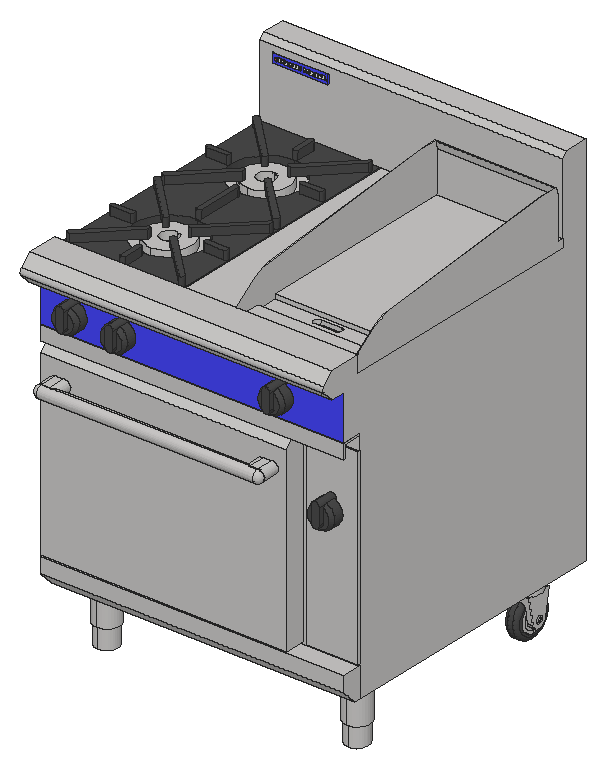
Revit family "QF_MOFFAT_BLUESEAL_CE_G54C", category Specialty Equipment, Revit 2012
Parameters
  Width = 750 mm  # constant formula
  Weight in Pounds = 399
  Watts = 130 W
  Volts = 230 V
  URL Cutsheet = "www.moffat.com"
  URL = "www.moffat.com"
  Type Mark [instance] = ""
  Status [instance] = ""
  Specification by User [instance] = ""
  Specification by Manufacturer = ""
  Show Logo [instance] = yes
  Show Clearance [instance] = yes
  Show Casters [instance] = yes
  Serial Number = ""
  Seismic Rating = ""
  SMACNA No = ""
  Revision Code [instance] = ""
  Phase = 1
  Omniclass Number and Title = ""
  Number of Poles [instance] = 1
  NAFEM Spec ID Number = ""
  Model = "G54C"
  Min Ckt Ampacity = 0 A
  Mechanical Remarks [instance] = ""
  Mechanical Connection Type [instance] = ""
  Max Overcurrent Protection = 0 A
  Masterspec = ""
  Manufacturer = "MOFFAT BLUESEAL"
  Legs [instance] = not(Show Casters)  # no
  Item Number [instance] = ""
  Installed By [instance] = ""
  Identify Quantity as Lot [instance] = yes
  Height = 1085 mm  # constant formula
  HP = ""
  Gas Size = 3/4"
  Gas RI Height [instance] = 0 mm
  Gas KW [instance] = 29.4
  Gas Input [instance] = 100468.0 Btu/h
  Gas Connection Height = 0 mm
  Furnished By [instance] = ""
  Foodservice Equipment Identifier [instance] = yes
  FL Amps = 0.6 A
  Electrical Remarks = ""
  Electric Connection Type = ""
  Elec Conn RI Height = 0 mm
  Elec Conn Connection Height = 0 mm
  Description = "750MM GAS RANGE WITH CONVECTION OVEN"
  Depth = 812 mm  # constant formula
  Cycle = 60 Hz
  Conn Plug = ""
  Conn Conduit = yes
  CSI MasterFormat = ""
  CSI Master Format = ""
  Apparent Power = 0 VA
Reference planes
  plane 1 "BACK": y = 0
  plane 2: z = 0
  plane 3 "LEFT": x = 0
  plane 4 "RIGHT": x = 750
  plane 5 "FRONT": y = -812
  plane 6 "TOP": z = 970
  plane 7 "Center Y": x = 375
  plane 8 "Center X": y = -406
  plane 9: y = -100
  plane 10 "Base Height": z = 150
  plane 11: x = 65.8
  plane 12: x = 620
  plane 13: x = 685
  plane 14: y = -500
  plane 15: x = 676
  plane 16: z = 1085
Forms (mm)
  Extrusion 1, solid, material "QF_Finishes_Stainless Steel"
    sketch origin (0, 0, 0) x (0, 1, 0) y (0, 0, 1)
      loop
        line (-784.97, 850) -> (-749, 850) -> (-749, 740) -> (-699, 740) -> (-699, 150) -> (0, 150) -> (0, 1085) -> (-57.5, 1085) -> (-70, 1072.5) -> (-70, 875) -> (-705, 875) -> (-705, 915) -> (-783.97, 915) -> (-808.469, 890.501)
        arc (-808.469, 890.501) -> (-811.99, 882) -> (-808.469, 873.499) r 12.022
        line (-808.469, 873.499) -> (-784.97, 850)
    from 0 to 750
  Extrusion 2, solid, material "QF_Finishes_Stainless Steel"
    sketch origin (555.062, 3, 100) x (1, 0, 0) y (0, 1, 0)
      loop
        circle (65, -35) r 13.5
    from 555 to 640
  Revolve 3, solid, material "QF_Finishes_Stainless Steel"
    sketch origin (65, -728, 0) x (0, 1, 0) y (0, 0, 1)
      loop
        line (71.25, 150) -> (71.25, 50) -> (75.5, 50) -> (75.5, 0) -> (103, 0) -> (103, 150) -> (71.25, 150)
      axis (103, 150) -> (103, 0)
    angle from 0 to 360
  Extrusion 4, solid, material "QF_Finishes_Black"
    sketch origin (0, -70, 875) x (0, -1, 0) y (1, 0, 0)
      loop
        arc (1, 4) -> (1.879, 1.879) -> (4, 1) r 3
        line (4, 1) -> (632, 1)
        arc (632, 1) -> (634.121, 1.879) -> (635, 4) r 3
        line (635, 4) -> (635, 297)
        arc (635, 297) -> (634.121, 299.121) -> (632, 300) r 3
        line (632, 300) -> (4, 300)
        arc (4, 300) -> (1.879, 299.121) -> (1, 297) r 3
        line (1, 297) -> (1, 4)
      loop
        circle (167.5, 150) r 85
      loop
        circle (467.768, 150) r 85
    from 0 to 19.5
  Extrusion 5, solid, material "QF_Finishes_Black"
    sketch origin (0, -73.5, 894.5) x (0, -1, 0) y (1, 0, 0)
      loop
        spline (323.602, 15.153) -> (322.681, 13.924) -> (322.131, 12.47) -> (321.99, 10.89) -> (322.267, 9.292) -> (322.943, 7.786) -> (323.973, 6.473) -> (325.286, 5.443) -> (326.792, 4.767) -> (328.39, 4.49) -> (329.97, 4.631) -> (331.424, 5.181) -> (332.653, 6.102)
        line (332.653, 6.102) -> (440.576, 114.025)
        spline (440.576, 114.025) -> (441.337, 115.095) -> (441.738, 116.399) -> (441.751, 117.851) -> (441.375, 119.35) -> (440.637, 120.795) -> (439.586, 122.086) -> (438.295, 123.137) -> (436.85, 123.875) -> (435.351, 124.251) -> (433.899, 124.238) -> (432.595, 123.837) -> (431.525, 123.076)
        line (431.525, 123.076) -> (323.602, 15.153)
      loop
        spline (371.852, 143.6) -> (373.146, 143.818) -> (374.352, 144.457) -> (375.388, 145.475) -> (376.182, 146.8) -> (376.682, 148.344) -> (376.852, 150) -> (376.682, 151.656) -> (376.182, 153.2) -> (375.388, 154.525) -> (374.352, 155.543) -> (373.146, 156.182) -> (371.852, 156.4)
        line (371.852, 156.4) -> (259.398, 156.4)
        spline (259.398, 156.4) -> (258.104, 156.182) -> (256.898, 155.543) -> (255.862, 154.525) -> (255.068, 153.2) -> (254.568, 151.656) -> (254.398, 150) -> (254.568, 148.344) -> (255.068, 146.8) -> (255.862, 145.475) -> (256.898, 144.457) -> (258.104, 143.818) -> (259.398, 143.6)
        line (259.398, 143.6) -> (371.852, 143.6)
      loop
        line (311.398, 15.153) -> (203.475, 123.076)
        spline (203.475, 123.076) -> (202.405, 123.837) -> (201.101, 124.238) -> (199.649, 124.251) -> (198.15, 123.875) -> (196.705, 123.137) -> (195.414, 122.086) -> (194.363, 120.795) -> (193.625, 119.35) -> (193.249, 117.851) -> (193.262, 116.399) -> (193.663, 115.095) -> (194.424, 114.025)
        line (194.424, 114.025) -> (302.347, 6.102)
        spline (302.347, 6.102) -> (303.416, 5.341) -> (304.721, 4.941) -> (306.172, 4.928) -> (307.671, 5.303) -> (309.116, 6.041) -> (310.408, 7.092) -> (311.459, 8.384) -> (312.197, 9.829) -> (312.572, 11.328) -> (312.559, 12.779) -> (312.159, 14.084) -> (311.398, 15.153)
      loop
        line (323.602, 284.847) -> (431.525, 176.924)
        spline (431.525, 176.924) -> (432.595, 176.163) -> (433.899, 175.762) -> (435.351, 175.749) -> (436.85, 176.125) -> (438.295, 176.863) -> (439.586, 177.914) -> (440.637, 179.205) -> (441.375, 180.65) -> (441.751, 182.149) -> (441.738, 183.601) -> (441.337, 184.905) -> (440.576, 185.975)
        line (440.576, 185.975) -> (332.653, 293.898)
        spline (332.653, 293.898) -> (331.424, 294.819) -> (329.97, 295.369) -> (328.39, 295.51) -> (326.792, 295.233) -> (325.286, 294.557) -> (323.973, 293.527) -> (322.943, 292.214) -> (322.267, 290.708) -> (321.99, 289.11) -> (322.131, 287.53) -> (322.681, 286.076) -> (323.602, 284.847)
      loop
        spline (311.398, 284.847) -> (312.159, 285.916) -> (312.559, 287.221) -> (312.572, 288.672) -> (312.197, 290.171) -> (311.459, 291.616) -> (310.408, 292.908) -> (309.116, 293.959) -> (307.671, 294.697) -> (306.172, 295.072) -> (304.721, 295.059) -> (303.416, 294.659) -> (302.347, 293.898)
        line (302.347, 293.898) -> (194.424, 185.975)
        spline (194.424, 185.975) -> (193.663, 184.905) -> (193.262, 183.601) -> (193.249, 182.149) -> (193.625, 180.65) -> (194.363, 179.205) -> (195.414, 177.914) -> (196.705, 176.863) -> (198.15, 176.125) -> (199.649, 175.749) -> (201.101, 175.762) -> (202.405, 176.163) -> (203.475, 176.924)
        line (203.475, 176.924) -> (311.398, 284.847)
      loop
        spline (73.549, 143.6) -> (74.844, 143.818) -> (76.049, 144.457) -> (77.085, 145.475) -> (77.88, 146.8) -> (78.379, 148.344) -> (78.549, 150) -> (78.379, 151.656) -> (77.88, 153.2) -> (77.085, 154.525) -> (76.049, 155.543) -> (74.844, 156.182) -> (73.549, 156.4)
        line (73.549, 156.4) -> (25.093, 156.4)
        spline (25.093, 156.4) -> (23.799, 156.182) -> (22.593, 155.543) -> (21.558, 154.525) -> (20.763, 153.2) -> (20.264, 151.656) -> (20.093, 150) -> (20.264, 148.344) -> (20.763, 146.8) -> (21.558, 145.475) -> (22.593, 144.457) -> (23.799, 143.818) -> (25.093, 143.6)
        line (25.093, 143.6) -> (73.549, 143.6)
      loop
        spline (608.1, 143.6) -> (609.394, 143.818) -> (610.6, 144.457) -> (611.636, 145.475) -> (612.43, 146.8) -> (612.93, 148.344) -> (613.1, 150) -> (612.93, 151.656) -> (612.43, 153.2) -> (611.636, 154.525) -> (610.6, 155.543) -> (609.394, 156.182) -> (608.1, 156.4)
        line (608.1, 156.4) -> (558.644, 156.4)
        spline (558.644, 156.4) -> (557.35, 156.182) -> (556.144, 155.543) -> (555.108, 154.525) -> (554.314, 153.2) -> (553.814, 151.656) -> (553.644, 150) -> (553.814, 148.344) -> (554.314, 146.8) -> (555.108, 145.475) -> (556.144, 144.457) -> (557.35, 143.818) -> (558.644, 143.6)
        line (558.644, 143.6) -> (608.1, 143.6)
      loop
        spline (457.6, 10.156) -> (457.818, 8.862) -> (458.457, 7.656) -> (459.475, 6.62) -> (460.8, 5.826) -> (462.344, 5.326) -> (464, 5.156) -> (465.656, 5.326) -> (467.2, 5.826) -> (468.525, 6.62) -> (469.543, 7.656) -> (470.182, 8.862) -> (470.4, 10.156)
        line (470.4, 10.156) -> (470.4, 58.612)
        spline (470.4, 58.612) -> (470.182, 59.906) -> (469.543, 61.112) -> (468.525, 62.148) -> (467.2, 62.942) -> (465.656, 63.442) -> (464, 63.612) -> (462.344, 63.442) -> (460.8, 62.942) -> (459.475, 62.148) -> (458.457, 61.112) -> (457.818, 59.906) -> (457.6, 58.612)
        line (457.6, 58.612) -> (457.6, 10.156)
      loop
        spline (160.966, 10.156) -> (161.184, 8.862) -> (161.823, 7.656) -> (162.841, 6.62) -> (164.166, 5.826) -> (165.71, 5.326) -> (167.366, 5.156) -> (169.022, 5.326) -> (170.566, 5.826) -> (171.892, 6.62) -> (172.909, 7.656) -> (173.548, 8.862) -> (173.766, 10.156)
        line (173.766, 10.156) -> (173.766, 58.612)
        spline (173.766, 58.612) -> (173.548, 59.906) -> (172.909, 61.112) -> (171.892, 62.148) -> (170.566, 62.942) -> (169.022, 63.442) -> (167.366, 63.612) -> (165.71, 63.442) -> (164.166, 62.942) -> (162.841, 62.148) -> (161.823, 61.112) -> (161.184, 59.906) -> (160.966, 58.612)
        line (160.966, 58.612) -> (160.966, 10.156)
      loop
        spline (457.6, 241.636) -> (457.818, 240.342) -> (458.457, 239.136) -> (459.475, 238.1) -> (460.8, 237.306) -> (462.344, 236.806) -> (464, 236.636) -> (465.656, 236.806) -> (467.2, 237.306) -> (468.525, 238.1) -> (469.543, 239.136) -> (470.182, 240.342) -> (470.4, 241.636)
        line (470.4, 241.636) -> (470.4, 290.092)
        spline (470.4, 290.092) -> (470.182, 291.386) -> (469.543, 292.592) -> (468.525, 293.628) -> (467.2, 294.422) -> (465.656, 294.922) -> (464, 295.092) -> (462.344, 294.922) -> (460.8, 294.422) -> (459.475, 293.628) -> (458.457, 292.592) -> (457.818, 291.386) -> (457.6, 290.092)
        line (457.6, 290.092) -> (457.6, 241.636)
      loop
        spline (160.966, 241.636) -> (161.184, 240.342) -> (161.823, 239.136) -> (162.841, 238.1) -> (164.166, 237.306) -> (165.71, 236.806) -> (167.366, 236.636) -> (169.022, 236.806) -> (170.566, 237.306) -> (171.892, 238.1) -> (172.909, 239.136) -> (173.548, 240.342) -> (173.766, 241.636)
        line (173.766, 241.636) -> (173.766, 290.092)
        spline (173.766, 290.092) -> (173.548, 291.386) -> (172.909, 292.592) -> (171.892, 293.628) -> (170.566, 294.422) -> (169.022, 294.922) -> (167.366, 295.092) -> (165.71, 294.922) -> (164.166, 294.422) -> (162.841, 293.628) -> (161.823, 292.592) -> (161.184, 291.386) -> (160.966, 290.092)
        line (160.966, 290.092) -> (160.966, 241.636)
      loop
        line (604.398, 15.153) -> (496.475, 123.076)
        spline (496.475, 123.076) -> (495.405, 123.837) -> (494.101, 124.238) -> (492.649, 124.251) -> (491.15, 123.875) -> (489.705, 123.137) -> (488.414, 122.086) -> (487.363, 120.795) -> (486.625, 119.35) -> (486.249, 117.851) -> (486.262, 116.399) -> (486.663, 115.095) -> (487.424, 114.025)
        line (487.424, 114.025) -> (595.347, 6.102)
        spline (595.347, 6.102) -> (596.576, 5.181) -> (598.03, 4.631) -> (599.61, 4.49) -> (601.208, 4.767) -> (602.714, 5.443) -> (604.027, 6.473) -> (605.057, 7.786) -> (605.733, 9.292) -> (606.01, 10.89) -> (605.869, 12.47) -> (605.319, 13.924) -> (604.398, 15.153)
      loop
        spline (604.398, 284.847) -> (605.319, 286.076) -> (605.869, 287.53) -> (606.01, 289.11) -> (605.733, 290.708) -> (605.057, 292.214) -> (604.027, 293.527) -> (602.714, 294.557) -> (601.208, 295.233) -> (599.61, 295.51) -> (598.03, 295.369) -> (596.576, 294.819) -> (595.347, 293.898)
        line (595.347, 293.898) -> (487.424, 185.975)
        spline (487.424, 185.975) -> (486.663, 184.905) -> (486.262, 183.601) -> (486.249, 182.149) -> (486.625, 180.65) -> (487.363, 179.205) -> (488.414, 177.914) -> (489.705, 176.863) -> (491.15, 176.125) -> (492.649, 175.749) -> (494.101, 175.762) -> (495.405, 176.163) -> (496.475, 176.924)
        line (496.475, 176.924) -> (604.398, 284.847)
      loop
        spline (16.602, 15.153) -> (15.841, 14.084) -> (15.441, 12.779) -> (15.428, 11.328) -> (15.803, 9.829) -> (16.541, 8.384) -> (17.592, 7.092) -> (18.884, 6.041) -> (20.329, 5.303) -> (21.828, 4.928) -> (23.279, 4.941) -> (24.584, 5.341) -> (25.653, 6.102)
        line (25.653, 6.102) -> (133.576, 114.025)
        spline (133.576, 114.025) -> (134.337, 115.095) -> (134.738, 116.399) -> (134.751, 117.851) -> (134.375, 119.35) -> (133.637, 120.795) -> (132.586, 122.086) -> (131.295, 123.137) -> (129.85, 123.875) -> (128.351, 124.251) -> (126.899, 124.238) -> (125.595, 123.837) -> (124.525, 123.076)
        line (124.525, 123.076) -> (16.602, 15.153)
      loop
        line (16.602, 284.847) -> (124.525, 176.924)
        spline (124.525, 176.924) -> (125.595, 176.163) -> (126.899, 175.762) -> (128.351, 175.749) -> (129.85, 176.125) -> (131.295, 176.863) -> (132.586, 177.914) -> (133.637, 179.205) -> (134.375, 180.65) -> (134.751, 182.149) -> (134.738, 183.601) -> (134.337, 184.905) -> (133.576, 185.975)
        line (133.576, 185.975) -> (25.653, 293.898)
        spline (25.653, 293.898) -> (24.584, 294.659) -> (23.279, 295.059) -> (21.828, 295.072) -> (20.329, 294.697) -> (18.884, 293.959) -> (17.592, 292.908) -> (16.541, 291.616) -> (15.803, 290.171) -> (15.428, 288.672) -> (15.441, 287.221) -> (15.841, 285.916) -> (16.602, 284.847)
    from 0 to 20.5
  Revolve 6, solid, material "QF_Finishes_Stainless Steel"
    sketch origin (685, -728, 0) x (0, 1, 0) y (0, 0, -1)
      loop
        line (71.25, -150) -> (103, -150) -> (103, 0) -> (75.5, 0) -> (75.5, -50) -> (71.25, -50) -> (71.25, -150)
      axis (103, -150) -> (103, 0)
    angle from 0 to 360
  Extrusion 7, solid, material "QF_Finishes_Stainless Steel"
    sketch origin (0, -70, 875) x (0, -1, 0) y (1, 0, 0)
      loop
        line (634, 300) -> (634, 450) -> (0, 450) -> (0, 300) -> (634, 300)
    from 0 to 19.5
  Extrusion 8, void
    sketch origin (0, -749, 227.5) x (0, 0, -1) y (-1, 0, 0)
      loop
        line (-465, -610) -> (-465, -625) -> (0, -625) -> (0, -610) -> (-465, -610)
    from 0 to 50
  Revolve 9, solid, material "QF_Finishes_Black"
    sketch origin (210, 7, 758.895) x (0, -1, 0) y (0, 0, 1)
      loop
        line (789, 69.605) -> (766, 69.605) -> (766, 42.105) -> (756, 42.105) -> (756, 37.105) -> (800, 37.105) -> (800, 63.757) -> (789, 69.605)
      axis (800, 37.105) -> (756, 37.105)
    angle from 0 to 360
  Revolve 10, solid, material "QF_Finishes_Black"
    sketch origin (89.999, 7, 758.768) x (0, 1, 0) y (0, 0, -1)
      loop
        line (-789, -69.5) -> (-766, -69.5) -> (-766, -42) -> (-756, -42) -> (-756, -37) -> (-800, -37) -> (-800, -63.651) -> (-789, -69.5)
      axis (-800, -37) -> (-756, -37)
    angle from 0 to 360
  Extrusion 11, solid, material "QF_Finishes_Black"
    sketch origin (228.269, 7, 758.926) x (-1, 0, 0) y (0, 0, -1)
      loop
        arc (148.269, -24.969) -> (138.269, -14.969) -> (128.269, -24.969) r 10
        line (128.269, -24.969) -> (128.269, -63.969)
        arc (128.269, -63.969) -> (138.269, -73.969) -> (148.269, -63.969) r 10
        line (148.269, -63.969) -> (148.269, -24.969)
    from 759 to 808
  Extrusion 12, solid, material "QF_Finishes_Black"
    sketch origin (349.45, 7, 758.926) x (-1, 0, 0) y (0, 0, -1)
      loop
        arc (148.269, -24.969) -> (138.269, -14.969) -> (128.269, -24.969) r 10
        line (128.269, -24.969) -> (128.269, -63.969)
        arc (128.269, -63.969) -> (138.269, -73.969) -> (148.269, -63.969) r 10
        line (148.269, -63.969) -> (148.269, -24.969)
    from 759 to 808
  Revolve 13, solid, material "QF_Finishes_Black"
    sketch origin (600, 7, 758.768) x (0, 1, 0) y (0, 0, 1)
      loop
        line (-789, 69.5) -> (-800, 63.651) -> (-800, 37) -> (-756, 37) -> (-756, 42) -> (-766, 42) -> (-766, 69.5) -> (-789, 69.5)
      axis (-800, 37) -> (-756, 37)
    angle from 0 to 360
  Extrusion 14, solid, material "QF_Finishes_Black"
    sketch origin (461.73, 7, 758.926) x (1, 0, 0) y (0, 0, 1)
      loop
        line (148.269, 24.969) -> (148.269, 63.969)
        arc (148.269, 63.969) -> (138.269, 73.969) -> (128.269, 63.969) r 10
        line (128.269, 63.969) -> (128.269, 24.969)
        arc (128.269, 24.969) -> (138.269, 14.969) -> (148.269, 24.969) r 10
    from 759 to 808
  Revolve 15, solid, material "QF_Finishes_Black"
    sketch origin (687.53, 51.5, 355.134) x (0, 1, 0) y (0, 0, 1)
      loop
        line (-789, 229.5) -> (-800, 223.651) -> (-800, 197) -> (-756, 197) -> (-756, 202) -> (-766, 202) -> (-766, 229.5) -> (-789, 229.5)
      axis (-800, 197) -> (-756, 197)
    angle from 0 to 360
  Extrusion 16, solid, material "QF_Finishes_Black"
    sketch origin (549.26, 51.5, 355.292) x (1, 0, 0) y (0, 0, 1)
      loop
        line (148.269, 184.969) -> (148.269, 223.969)
        arc (148.269, 223.969) -> (138.269, 233.969) -> (128.269, 223.969) r 10
        line (128.269, 223.969) -> (128.269, 184.969)
        arc (128.269, 184.969) -> (138.269, 174.969) -> (148.269, 184.969) r 10
    from 759 to 808
  Extrusion 17, solid, material "QF_Door-Drawer Clearances", visible <- "Show Clearance", detail levels coarse
    sketch origin (0, 7, 0) x (0, -1, 0) y (0, 0, 1)
      loop
        line (756, 690.016) -> (756, 227.5) -> (1218.516, 227.5)
        arc (1218.516, 227.5) -> (1083.048, 554.548) -> (756, 690.016) r 462.516
    from 0 to -610
  Extrusion 18, void
    sketch origin (0, 0, 150) x (-1, 0, 0) y (0, -1, 0)
      loop
        line (-681, 87.26) -> (-681, -30.24) -> (-551.5, -30.24) -> (-551.5, 38.76) -> (-600, 87.26) -> (-681, 87.26)
    from 72.5 to 590
  Extrusion 19, void
    sketch origin (35, -740, 227.5) x (0, 0, -1) y (-1, 0, 0)
      loop
        line (-472.5, -590) -> (-472.5, -715) -> (0, -715) -> (0, -590) -> (-472.5, -590)
    from -9 to 35
  Extrusion 20, solid, material "QF_Finishes_Stainless Steel"
    sketch origin (0, -70, 875) x (0, -1, 0) y (1, 0, 0)
      loop
        circle (467.5, 150) r 57
      loop
        circle (167.5, 150) r 57
      loop
        circle (467.5, 150) r 22
      loop
        circle (167.5, 150) r 22
    from 0 to 19.5
  Extrusion 21, solid, material "QF_Finishes_Stainless Steel"
    sketch origin (0, -749, 227.5) x (0, 0, 1) y (-1, 0, 0)
      loop
        line (380.625, -38.246) -> (380.625, -58.528)
        arc (380.625, -58.528) -> (395.625, -73.528) -> (410.625, -58.528) r 15
        line (410.625, -58.528) -> (410.625, -38.246)
        arc (410.625, -38.246) -> (395.625, -23.246) -> (380.625, -38.246) r 15
      loop
        arc (380.625, -573.039) -> (395.625, -588.039) -> (410.625, -573.039) r 15
        line (410.625, -573.039) -> (410.625, -552.757)
        arc (410.625, -552.757) -> (395.625, -537.757) -> (380.625, -552.757) r 15
        line (380.625, -552.757) -> (380.625, -573.039)
    from 0 to 44
  Revolve 22, solid, material "QF_Finishes_Stainless Steel"
    sketch origin (0, -793, 0) x (1, 0, 0) y (0, 0, 1)
      loop
        arc (588.039, 623.125) -> (583.646, 633.732) -> (573.039, 638.125) r 15
        line (573.039, 638.125) -> (38.246, 638.125)
        arc (38.246, 638.125) -> (27.64, 633.732) -> (23.246, 623.125) r 15
        line (23.246, 623.125) -> (588.039, 623.125)
      axis (588.039, 623.125) -> (23.246, 623.125)
    angle from 0 to 360
  Extrusion 23, solid, material "QF_Finishes_Stainless Steel"
    sketch origin (0, 9, 0) x (0, 1, 0) y (0, 0, 1)
      loop
        line (-708, 227.5) -> (-708, 700) -> (-734, 700) -> (-758, 676) -> (-758, 227.5) -> (-708, 227.5)
    from 0 to 750
  Extrusion 24, solid, material "QF_Finishes_Stainless Steel"
    sketch origin (0, 7, 0) x (0, 1, 0) y (0, 0, 1)
      loop
        line (-756, 738) -> (-756, 703) -> (-752.98, 703) -> (-752.98, 735) -> (-708, 735) -> (-708, 738) -> (-756, 738)
    from 0 to 750
  Extrusion 25, solid, material "QF_Finishes_Stainless Steel"
    sketch origin (0, 9, 0) x (0, 1, 0) y (0, 0, 1)
      loop
        line (-708, 222.5) -> (-758, 222.5) -> (-758, 186) -> (-722, 150) -> (-708, 150) -> (-708, 222.5)
    from 0 to 750
  Extrusion 26, solid, material "QF_Finishes_Stainless Steel"
    sketch origin (0, 0, 150) x (-1, 0, 0) y (0, -1, 0)
      loop
        circle (-676, 501) r 6.35
    from 0 to -1.6
  Extrusion 27, solid, material "QF_Finishes_Stainless Steel", visible <- "Show Casters"
    sketch origin (71.501, 133.353, -8.783) x (0, 1, 0) y (0, 0, 1)
      loop
        line (-201.603, 118.783) -> (-265.103, 118.783) -> (-252.746, 53.895)
        arc (-252.746, 53.895) -> (-233.353, 38.783) -> (-213.959, 53.895) r 20
        line (-213.959, 53.895) -> (-201.603, 118.783)
    from -35.667 to 22.923
  Revolve 28, solid, material "QF_Finishes_Stainless Steel", visible <- "Show Casters"
    sketch origin (65, -203, 0) x (0, 1, 0) y (0, 0, 1)
      loop
        line (67.25, 150) -> (67.25, 110) -> (103, 110) -> (103, 150) -> (67.25, 150)
      axis (103, 150) -> (103, 110)
    angle from 0 to 360
  Revolve 29, solid, material "QF_Finishes_Stainless Steel", visible <- "Show Casters"
    sketch origin (685, -203, 0) x (0, 1, 0) y (0, 0, -1)
      loop
        line (67.25, -150) -> (103, -150) -> (103, -110) -> (67.25, -110) -> (67.25, -150)
      axis (103, -150) -> (103, -110)
    angle from 0 to 360
  Revolve 30, solid, material "QF_Finishes_Stainless Steel", visible <- "Show Casters"
    sketch origin (635.776, -99.755, -13.653) x (1, 0, 0) y (0, 0, 1)
      loop
        line (14.841, 64.453) -> (83.584, 64.453) -> (83.584, 67.958) -> (82.314, 69.228) -> (80.79, 69.228) -> (80.79, 72.674) -> (68.644, 72.674) -> (68.644, 82.639) -> (65.088, 84.692) -> (63.738, 93.028) -> (65.881, 93.028) -> (65.881, 99.378) -> (65.088, 99.378) -> (65.088, 105.728)
        arc (65.088, 105.728) -> (62.298, 112.463) -> (55.563, 115.253) r 9.525
        line (55.563, 115.253) -> (42.863, 115.253)
        arc (42.863, 115.253) -> (36.127, 112.463) -> (33.338, 105.728) r 9.525
        line (33.338, 105.728) -> (33.338, 99.378) -> (32.544, 99.378) -> (32.544, 93.028) -> (34.687, 93.028) -> (33.352, 84.781) -> (29.782, 82.719) -> (29.782, 72.674) -> (17.635, 72.674) -> (17.635, 69.228) -> (16.111, 69.228) -> (14.841, 67.958) -> (14.841, 64.453)
      axis (14.841, 64.453) -> (83.584, 64.453)
    angle from 0 to 360
  Extrusion 31, solid, material "QF_Finishes_Stainless Steel", visible <- "Show Casters"
    sketch origin (691.501, 133.353, -8.783) x (0, 1, 0) y (0, 0, 1)
      loop
        line (-201.603, 118.783) -> (-265.103, 118.783) -> (-252.746, 53.895)
        arc (-252.746, 53.895) -> (-233.353, 38.783) -> (-213.959, 53.895) r 20
        line (-213.959, 53.895) -> (-201.603, 118.783)
    from -35.667 to 22.923
  Revolve 32, solid, material "QF_Finishes_Stainless Steel", visible <- "Legs"
    sketch origin (65, -165, 0) x (0, 1, 0) y (0, 0, 1)
      loop
        line (33.25, 150) -> (33.25, 50) -> (37.5, 50) -> (37.5, 0) -> (65, 0) -> (65, 150) -> (33.25, 150)
      axis (65, 150) -> (65, 0)
    angle from 0 to 360
  Revolve 33, solid, material "QF_Finishes_Stainless Steel", visible <- "Legs"
    sketch origin (685, -165, 0) x (0, 1, 0) y (0, 0, -1)
      loop
        line (33.25, -150) -> (65, -150) -> (65, 0) -> (37.5, 0) -> (37.5, -50) -> (33.25, -50) -> (33.25, -150)
      axis (65, -150) -> (65, 0)
    angle from 0 to 360
  Revolve 34, solid, material "QF_Finishes_Stainless Steel", visible <- "Show Casters"
    sketch origin (114.224, -99.755, -13.653) x (-1, 0, 0) y (0, 0, -1)
      loop
        line (14.841, -64.453) -> (14.841, -67.958) -> (16.111, -69.228) -> (17.635, -69.228) -> (17.635, -72.674) -> (29.782, -72.674) -> (29.782, -82.719) -> (33.352, -84.781) -> (34.687, -93.028) -> (32.544, -93.028) -> (32.544, -99.378) -> (33.338, -99.378) -> (33.338, -105.728)
        arc (33.338, -105.728) -> (36.127, -112.463) -> (42.863, -115.253) r 9.525
        line (42.863, -115.253) -> (55.563, -115.253)
        arc (55.563, -115.253) -> (62.298, -112.463) -> (65.088, -105.728) r 9.525
        line (65.088, -105.728) -> (65.088, -99.378) -> (65.881, -99.378) -> (65.881, -93.028) -> (63.738, -93.028) -> (65.088, -84.692) -> (68.644, -82.639) -> (68.644, -72.674) -> (80.79, -72.674) -> (80.79, -69.228) -> (82.314, -69.228) -> (83.584, -67.958) -> (83.584, -64.453) -> (14.841, -64.453)
      axis (14.841, -64.453) -> (83.584, -64.453)
    angle from 0 to 360
Cuts and joins
  Extrusion 8, Extrusion 18, Extrusion 19 cuts Extrusion 1
  Extrusion 8, Extrusion 19 cuts Extrusion 23
Lines and regions (mm)
  Split face 1
    outline origin (0, -70, 894.5) x (0, -1, 0) y (1, 0, 0)
      loop
        circle (45.037, 327.576) r 8
  Split face 2
    outline origin (47.424, -70, 894.5) x (0, -1, 0) y (1, 0, 0)
      loop
        circle (45.037, 327.576) r 8
  Split face 3
    outline origin (750, -70, 894.5) x (0, -1, 0) y (1, 0, 0)
      loop
        circle (45.037, -327.576) r 8
  Split face 4
    outline origin (0, -104, 894.5) x (0, -1, 0) y (1, 0, 0)
      loop
        circle (45.037, 327.576) r 8
  Split face 5
    outline origin (47.424, -104, 894.5) x (0, -1, 0) y (1, 0, 0)
      loop
        circle (45.037, 327.576) r 8
  Split face 6
    outline origin (750, -104, 894.5) x (0, -1, 0) y (1, 0, 0)
      loop
        circle (45.037, -327.576) r 8
  Split face 7
    outline origin (0, -138, 894.5) x (0, -1, 0) y (1, 0, 0)
      loop
        circle (45.037, 327.576) r 8
  Split face 8
    outline origin (47.424, -138, 894.5) x (0, -1, 0) y (1, 0, 0)
      loop
        circle (45.037, 327.576) r 8
  Split face 9
    outline origin (750, -138, 894.5) x (0, -1, 0) y (1, 0, 0)
      loop
        circle (45.037, -327.576) r 8
  Split face 10
    outline origin (0, -172, 894.5) x (0, -1, 0) y (1, 0, 0)
      loop
        circle (45.037, 327.576) r 8
  Split face 11
    outline origin (47.424, -172, 894.5) x (0, -1, 0) y (1, 0, 0)
      loop
        circle (45.037, 327.576) r 8
  Split face 12
    outline origin (750, -172, 894.5) x (0, -1, 0) y (1, 0, 0)
      loop
        circle (45.037, -327.576) r 8
  Split face 13
    outline origin (0, -206, 894.5) x (0, -1, 0) y (1, 0, 0)
      loop
        circle (45.037, 327.576) r 8
  Split face 14
    outline origin (47.424, -206, 894.5) x (0, -1, 0) y (1, 0, 0)
      loop
        circle (45.037, 327.576) r 8
  Split face 15
    outline origin (750, -206, 894.5) x (0, -1, 0) y (1, 0, 0)
      loop
        circle (45.037, -327.576) r 8
  Split face 16
    outline origin (0, -240, 894.5) x (0, -1, 0) y (1, 0, 0)
      loop
        circle (45.037, 327.576) r 8
  Split face 17
    outline origin (47.424, -240, 894.5) x (0, -1, 0) y (1, 0, 0)
      loop
        circle (45.037, 327.576) r 8
  Split face 18
    outline origin (750, -240, 894.5) x (0, -1, 0) y (1, 0, 0)
      loop
        circle (45.037, -327.576) r 8
  Split face 19
    outline origin (0, -274, 894.5) x (0, -1, 0) y (1, 0, 0)
      loop
        circle (45.037, 327.576) r 8
  Split face 20
    outline origin (47.424, -274, 894.5) x (0, -1, 0) y (1, 0, 0)
      loop
        circle (45.037, 327.576) r 8
  Split face 21
    outline origin (750, -274, 894.5) x (0, -1, 0) y (1, 0, 0)
      loop
        circle (45.037, -327.576) r 8
  Split face 22
    outline origin (0, -308, 894.5) x (0, -1, 0) y (1, 0, 0)
      loop
        circle (45.037, 327.576) r 8
  Split face 23
    outline origin (47.424, -308, 894.5) x (0, -1, 0) y (1, 0, 0)
      loop
        circle (45.037, 327.576) r 8
  Split face 24
    outline origin (750, -308, 894.5) x (0, -1, 0) y (1, 0, 0)
      loop
        circle (45.037, -327.576) r 8
  Split face 25
    outline origin (0, -342, 894.5) x (0, -1, 0) y (1, 0, 0)
      loop
        circle (45.037, 327.576) r 8
  Split face 26
    outline origin (47.424, -342, 894.5) x (0, -1, 0) y (1, 0, 0)
      loop
        circle (45.037, 327.576) r 8
  Split face 27
    outline origin (750, -342, 894.5) x (0, -1, 0) y (1, 0, 0)
      loop
        circle (45.037, -327.576) r 8
  Split face 28
    outline origin (0, -376, 894.5) x (0, -1, 0) y (1, 0, 0)
      loop
        circle (45.037, 327.576) r 8
  Split face 29
    outline origin (47.424, -376, 894.5) x (0, -1, 0) y (1, 0, 0)
      loop
        circle (45.037, 327.576) r 8
  Split face 30
    outline origin (750, -376, 894.5) x (0, -1, 0) y (1, 0, 0)
      loop
        circle (45.037, -327.576) r 8
  Split face 31
    outline origin (0, -410, 894.5) x (0, -1, 0) y (1, 0, 0)
      loop
        circle (45.037, 327.576) r 8
  Split face 32
    outline origin (47.424, -410, 894.5) x (0, -1, 0) y (1, 0, 0)
      loop
        circle (45.037, 327.576) r 8
  Split face 33
    outline origin (750, -410, 894.5) x (0, -1, 0) y (1, 0, 0)
      loop
        circle (45.037, -327.576) r 8
  Split face 34
    outline origin (0, -444, 894.5) x (0, -1, 0) y (1, 0, 0)
      loop
        circle (45.037, 327.576) r 8
  Split face 35
    outline origin (47.424, -444, 894.5) x (0, -1, 0) y (1, 0, 0)
      loop
        circle (45.037, 327.576) r 8
  Split face 36
    outline origin (750, -444, 894.5) x (0, -1, 0) y (1, 0, 0)
      loop
        circle (45.037, -327.576) r 8
  Split face 37
    outline origin (0, -478, 894.5) x (0, -1, 0) y (1, 0, 0)
      loop
        circle (45.037, 327.576) r 8
  Split face 38
    outline origin (47.424, -478, 894.5) x (0, -1, 0) y (1, 0, 0)
      loop
        circle (45.037, 327.576) r 8
  Split face 39
    outline origin (750, -478, 894.5) x (0, -1, 0) y (1, 0, 0)
      loop
        circle (45.037, -327.576) r 8
  Split face 40
    outline origin (0, -512, 894.5) x (0, -1, 0) y (1, 0, 0)
      loop
        circle (45.037, 327.576) r 8
  Split face 41
    outline origin (47.424, -512, 894.5) x (0, -1, 0) y (1, 0, 0)
      loop
        circle (45.037, 327.576) r 8
  Split face 42
    outline origin (750, -512, 894.5) x (0, -1, 0) y (1, 0, 0)
      loop
        circle (45.037, -327.576) r 8
  Split face 43
    outline origin (0, -546, 894.5) x (0, -1, 0) y (1, 0, 0)
      loop
        circle (45.037, 327.576) r 8
  Split face 44
    outline origin (47.424, -546, 894.5) x (0, -1, 0) y (1, 0, 0)
      loop
        circle (45.037, 327.576) r 8
  Split face 45
    outline origin (750, -546, 894.5) x (0, -1, 0) y (1, 0, 0)
      loop
        circle (45.037, -327.576) r 8
  Split face 46
    outline origin (0, -580, 894.5) x (0, -1, 0) y (1, 0, 0)
      loop
        circle (45.037, 327.576) r 8
  Split face 47
    outline origin (47.424, -580, 894.5) x (0, -1, 0) y (1, 0, 0)
      loop
        circle (45.037, 327.576) r 8
  Split face 48
    outline origin (750, -580, 894.5) x (0, -1, 0) y (1, 0, 0)
      loop
        circle (45.037, -327.576) r 8
  Split face 49
    outline origin (0, -614, 894.5) x (0, -1, 0) y (1, 0, 0)
      loop
        circle (45.037, 327.576) r 8
  Split face 50
    outline origin (47.424, -614, 894.5) x (0, -1, 0) y (1, 0, 0)
      loop
        circle (45.037, 327.576) r 8
  Split face 51
    outline origin (750, -614, 894.5) x (0, -1, 0) y (1, 0, 0)
      loop
        circle (45.037, -327.576) r 8
  Split face 52
    outline origin (750, 0, 1085) x (-1, 0, 0) y (0, -1, 0)
      loop
        arc (485.206, 45.385) -> (476.545, 40.385) -> (476.545, 30.385) r 10
        line (476.545, 30.385) -> (480.587, 23.385)
        arc (480.587, 23.385) -> (484.247, 19.725) -> (489.247, 18.385) r 10
        line (489.247, 18.385) -> (717.206, 18.385)
        arc (717.206, 18.385) -> (725.866, 23.385) -> (725.866, 33.385) r 10
        line (725.866, 33.385) -> (721.824, 40.385)
        arc (721.824, 40.385) -> (718.164, 44.045) -> (713.164, 45.385) r 10
        line (713.164, 45.385) -> (485.206, 45.385)
  Split face 53
    outline origin (750, 0, 1085) x (-1, 0, 0) y (0, -1, 0)
      loop
        arc (35.206, 45.385) -> (26.545, 40.385) -> (26.545, 30.385) r 10
        line (26.545, 30.385) -> (30.587, 23.385)
        arc (30.587, 23.385) -> (34.247, 19.725) -> (39.247, 18.385) r 10
        line (39.247, 18.385) -> (267.206, 18.385)
        arc (267.206, 18.385) -> (275.866, 23.385) -> (275.866, 33.385) r 10
        line (275.866, 33.385) -> (271.824, 40.385)
        arc (271.824, 40.385) -> (268.164, 44.045) -> (263.164, 45.385) r 10
        line (263.164, 45.385) -> (35.206, 45.385)
  symbolic lines
    curve 1: line (0, 0, 0) -> (0, -812, 0)
    curve 2: line (750, 0, 0) -> (0, 0, 0)
    curve 3: line (750, -812, 0) -> (750, 0, 0)
    curve 4: line (0, -812, 0) -> (750, -812, 0)
    curve 5: line (750, -705, 0) -> (0, -705, 0)
    curve 6: line (0, -70, 0) -> (750, -70, 0)
    curve 7: line (0, -391, 0) -> (300, -391, 0)
    curve 8: arc (327.576, -123.037, 0) -> (335.576, -115.037, 0) -> (327.576, -107.037, 0) r 8
    curve 9: arc (327.576, -107.037, 0) -> (319.576, -115.037, 0) -> (327.576, -123.037, 0) r 8
    curve 10: arc (375, -123.037, 0) -> (383, -115.037, 0) -> (375, -107.037, 0) r 8
    curve 11: arc (375, -107.037, 0) -> (367, -115.037, 0) -> (375, -123.037, 0) r 8
    curve 12: arc (422.424, -123.037, 0) -> (430.424, -115.037, 0) -> (422.424, -107.037, 0) r 8
    curve 13: arc (422.424, -107.037, 0) -> (414.424, -115.037, 0) -> (422.424, -123.037, 0) r 8
    curve 14: arc (327.576, -157.037, 0) -> (335.576, -149.037, 0) -> (327.576, -141.037, 0) r 8
    curve 15: arc (327.576, -141.037, 0) -> (319.576, -149.037, 0) -> (327.576, -157.037, 0) r 8
    curve 16: arc (375, -157.037, 0) -> (383, -149.037, 0) -> (375, -141.037, 0) r 8
    curve 17: arc (375, -141.037, 0) -> (367, -149.037, 0) -> (375, -157.037, 0) r 8
    curve 18: arc (422.424, -157.037, 0) -> (430.424, -149.037, 0) -> (422.424, -141.037, 0) r 8
    curve 19: arc (422.424, -141.037, 0) -> (414.424, -149.037, 0) -> (422.424, -157.037, 0) r 8
    curve 20: arc (327.576, -191.037, 0) -> (335.576, -183.037, 0) -> (327.576, -175.037, 0) r 8
    curve 21: arc (327.576, -175.037, 0) -> (319.576, -183.037, 0) -> (327.576, -191.037, 0) r 8
    curve 22: arc (375, -191.037, 0) -> (383, -183.037, 0) -> (375, -175.037, 0) r 8
    curve 23: arc (375, -175.037, 0) -> (367, -183.037, 0) -> (375, -191.037, 0) r 8
    curve 24: arc (422.424, -191.037, 0) -> (430.424, -183.037, 0) -> (422.424, -175.037, 0) r 8
    curve 25: arc (422.424, -175.037, 0) -> (414.424, -183.037, 0) -> (422.424, -191.037, 0) r 8
    curve 26: arc (327.576, -225.037, 0) -> (335.576, -217.037, 0) -> (327.576, -209.037, 0) r 8
    curve 27: arc (327.576, -209.037, 0) -> (319.576, -217.037, 0) -> (327.576, -225.037, 0) r 8
    curve 28: arc (375, -225.037, 0) -> (383, -217.037, 0) -> (375, -209.037, 0) r 8
    curve 29: arc (375, -209.037, 0) -> (367, -217.037, 0) -> (375, -225.037, 0) r 8
    curve 30: arc (422.424, -225.037, 0) -> (430.424, -217.037, 0) -> (422.424, -209.037, 0) r 8
    curve 31: arc (422.424, -209.037, 0) -> (414.424, -217.037, 0) -> (422.424, -225.037, 0) r 8
    curve 32: arc (327.576, -259.037, 0) -> (335.576, -251.037, 0) -> (327.576, -243.037, 0) r 8
    curve 33: arc (327.576, -243.037, 0) -> (319.576, -251.037, 0) -> (327.576, -259.037, 0) r 8
    curve 34: arc (375, -259.037, 0) -> (383, -251.037, 0) -> (375, -243.037, 0) r 8
    curve 35: arc (375, -243.037, 0) -> (367, -251.037, 0) -> (375, -259.037, 0) r 8
    curve 36: arc (422.424, -259.037, 0) -> (430.424, -251.037, 0) -> (422.424, -243.037, 0) r 8
    curve 37: arc (422.424, -243.037, 0) -> (414.424, -251.037, 0) -> (422.424, -259.037, 0) r 8
    curve 38: arc (327.576, -293.037, 0) -> (335.576, -285.037, 0) -> (327.576, -277.037, 0) r 8
    curve 39: arc (327.576, -277.037, 0) -> (319.576, -285.037, 0) -> (327.576, -293.037, 0) r 8
    curve 40: arc (375, -293.037, 0) -> (383, -285.037, 0) -> (375, -277.037, 0) r 8
    curve 41: arc (375, -277.037, 0) -> (367, -285.037, 0) -> (375, -293.037, 0) r 8
    curve 42: arc (422.424, -293.037, 0) -> (430.424, -285.037, 0) -> (422.424, -277.037, 0) r 8
    curve 43: arc (422.424, -277.037, 0) -> (414.424, -285.037, 0) -> (422.424, -293.037, 0) r 8
    curve 44: arc (327.576, -327.037, 0) -> (335.576, -319.037, 0) -> (327.576, -311.037, 0) r 8
    curve 45: arc (327.576, -311.037, 0) -> (319.576, -319.037, 0) -> (327.576, -327.037, 0) r 8
    curve 46: arc (375, -327.037, 0) -> (383, -319.037, 0) -> (375, -311.037, 0) r 8
    curve 47: arc (375, -311.037, 0) -> (367, -319.037, 0) -> (375, -327.037, 0) r 8
    curve 48: arc (422.424, -327.037, 0) -> (430.424, -319.037, 0) -> (422.424, -311.037, 0) r 8
    curve 49: arc (422.424, -311.037, 0) -> (414.424, -319.037, 0) -> (422.424, -327.037, 0) r 8
    curve 50: arc (327.576, -361.037, 0) -> (335.576, -353.037, 0) -> (327.576, -345.037, 0) r 8
    curve 51: arc (327.576, -345.037, 0) -> (319.576, -353.037, 0) -> (327.576, -361.037, 0) r 8
    curve 52: arc (375, -361.037, 0) -> (383, -353.037, 0) -> (375, -345.037, 0) r 8
    curve 53: arc (375, -345.037, 0) -> (367, -353.037, 0) -> (375, -361.037, 0) r 8
    curve 54: arc (422.424, -361.037, 0) -> (430.424, -353.037, 0) -> (422.424, -345.037, 0) r 8
    curve 55: arc (422.424, -345.037, 0) -> (414.424, -353.037, 0) -> (422.424, -361.037, 0) r 8
    curve 56: arc (327.576, -395.037, 0) -> (335.576, -387.037, 0) -> (327.576, -379.037, 0) r 8
    curve 57: arc (327.576, -379.037, 0) -> (319.576, -387.037, 0) -> (327.576, -395.037, 0) r 8
    curve 58: arc (375, -395.037, 0) -> (383, -387.037, 0) -> (375, -379.037, 0) r 8
    curve 59: arc (375, -379.037, 0) -> (367, -387.037, 0) -> (375, -395.037, 0) r 8
    curve 60: arc (422.424, -395.037, 0) -> (430.424, -387.037, 0) -> (422.424, -379.037, 0) r 8
    curve 61: arc (422.424, -379.037, 0) -> (414.424, -387.037, 0) -> (422.424, -395.037, 0) r 8
    curve 62: arc (327.576, -429.037, 0) -> (335.576, -421.037, 0) -> (327.576, -413.037, 0) r 8
    curve 63: arc (327.576, -413.037, 0) -> (319.576, -421.037, 0) -> (327.576, -429.037, 0) r 8
    curve 64: arc (375, -429.037, 0) -> (383, -421.037, 0) -> (375, -413.037, 0) r 8
    curve 65: arc (375, -413.037, 0) -> (367, -421.037, 0) -> (375, -429.037, 0) r 8
    curve 66: arc (422.424, -429.037, 0) -> (430.424, -421.037, 0) -> (422.424, -413.037, 0) r 8
    curve 67: arc (422.424, -413.037, 0) -> (414.424, -421.037, 0) -> (422.424, -429.037, 0) r 8
    curve 68: arc (327.576, -463.037, 0) -> (335.576, -455.037, 0) -> (327.576, -447.037, 0) r 8
    curve 69: arc (327.576, -447.037, 0) -> (319.576, -455.037, 0) -> (327.576, -463.037, 0) r 8
    curve 70: arc (375, -463.037, 0) -> (383, -455.037, 0) -> (375, -447.037, 0) r 8
    curve 71: arc (375, -447.037, 0) -> (367, -455.037, 0) -> (375, -463.037, 0) r 8
    curve 72: arc (422.424, -463.037, 0) -> (430.424, -455.037, 0) -> (422.424, -447.037, 0) r 8
    curve 73: arc (422.424, -447.037, 0) -> (414.424, -455.037, 0) -> (422.424, -463.037, 0) r 8
    curve 74: arc (327.576, -497.037, 0) -> (335.576, -489.037, 0) -> (327.576, -481.037, 0) r 8
    curve 75: arc (327.576, -481.037, 0) -> (319.576, -489.037, 0) -> (327.576, -497.037, 0) r 8
    curve 76: arc (375, -497.037, 0) -> (383, -489.037, 0) -> (375, -481.037, 0) r 8
    curve 77: arc (375, -481.037, 0) -> (367, -489.037, 0) -> (375, -497.037, 0) r 8
    curve 78: arc (422.424, -497.037, 0) -> (430.424, -489.037, 0) -> (422.424, -481.037, 0) r 8
    curve 79: arc (422.424, -481.037, 0) -> (414.424, -489.037, 0) -> (422.424, -497.037, 0) r 8
    curve 80: arc (327.576, -531.037, 0) -> (335.576, -523.037, 0) -> (327.576, -515.037, 0) r 8
    curve 81: arc (327.576, -515.037, 0) -> (319.576, -523.037, 0) -> (327.576, -531.037, 0) r 8
    curve 82: arc (375, -531.037, 0) -> (383, -523.037, 0) -> (375, -515.037, 0) r 8
    curve 83: arc (375, -515.037, 0) -> (367, -523.037, 0) -> (375, -531.037, 0) r 8
    curve 84: arc (422.424, -531.037, 0) -> (430.424, -523.037, 0) -> (422.424, -515.037, 0) r 8
    curve 85: arc (422.424, -515.037, 0) -> (414.424, -523.037, 0) -> (422.424, -531.037, 0) r 8
    curve 86: arc (327.576, -565.037, 0) -> (335.576, -557.037, 0) -> (327.576, -549.037, 0) r 8
    curve 87: arc (327.576, -549.037, 0) -> (319.576, -557.037, 0) -> (327.576, -565.037, 0) r 8
    curve 88: arc (375, -565.037, 0) -> (383, -557.037, 0) -> (375, -549.037, 0) r 8
    curve 89: arc (375, -549.037, 0) -> (367, -557.037, 0) -> (375, -565.037, 0) r 8
    curve 90: arc (422.424, -565.037, 0) -> (430.424, -557.037, 0) -> (422.424, -549.037, 0) r 8
    curve 91: arc (422.424, -549.037, 0) -> (414.424, -557.037, 0) -> (422.424, -565.037, 0) r 8
    curve 92: arc (327.576, -599.037, 0) -> (335.576, -591.037, 0) -> (327.576, -583.037, 0) r 8
    curve 93: arc (327.576, -583.037, 0) -> (319.576, -591.037, 0) -> (327.576, -599.037, 0) r 8
    curve 94: arc (375, -599.037, 0) -> (383, -591.037, 0) -> (375, -583.037, 0) r 8
    curve 95: arc (375, -583.037, 0) -> (367, -591.037, 0) -> (375, -599.037, 0) r 8
    curve 96: arc (422.424, -599.037, 0) -> (430.424, -591.037, 0) -> (422.424, -583.037, 0) r 8
    curve 97: arc (422.424, -583.037, 0) -> (414.424, -591.037, 0) -> (422.424, -599.037, 0) r 8
    curve 98: arc (327.576, -633.037, 0) -> (335.576, -625.037, 0) -> (327.576, -617.037, 0) r 8
    curve 99: arc (327.576, -617.037, 0) -> (319.576, -625.037, 0) -> (327.576, -633.037, 0) r 8
    curve 100: arc (375, -633.037, 0) -> (383, -625.037, 0) -> (375, -617.037, 0) r 8
    curve 101: arc (375, -617.037, 0) -> (367, -625.037, 0) -> (375, -633.037, 0) r 8
    curve 102: arc (422.424, -633.037, 0) -> (430.424, -625.037, 0) -> (422.424, -617.037, 0) r 8
    curve 103: arc (422.424, -617.037, 0) -> (414.424, -625.037, 0) -> (422.424, -633.037, 0) r 8
    curve 104: arc (327.576, -667.037, 0) -> (335.576, -659.037, 0) -> (327.576, -651.037, 0) r 8
    curve 105: arc (327.576, -651.037, 0) -> (319.576, -659.037, 0) -> (327.576, -667.037, 0) r 8
    curve 106: arc (375, -667.037, 0) -> (383, -659.037, 0) -> (375, -651.037, 0) r 8
    curve 107: arc (375, -651.037, 0) -> (367, -659.037, 0) -> (375, -667.037, 0) r 8
    curve 108: arc (422.424, -667.037, 0) -> (430.424, -659.037, 0) -> (422.424, -651.037, 0) r 8
    curve 109: arc (422.424, -651.037, 0) -> (414.424, -659.037, 0) -> (422.424, -667.037, 0) r 8
    curve 113: line (300, -70, 0) -> (300, -705, 0)
    curve 114: line (149.988, -331.778, 0) -> (149.988, -448.358, 0)
    curve 115: line (150.034, -681.268, 0) -> (150.034, -628.558, 0)
    curve 116: line (9.26, -537.634, 0) -> (59.26, -537.634, 0)
    curve 117: line (178.593, -512.407, 0) -> (291.73, -399.27, 0)
    curve 118: line (291.767, -537.634, 0) -> (240.041, -537.634, 0)
    curve 119: arc (150, -480.5, 150) -> (207, -537.5, 150) -> (150, -594.5, 150) r 57
    curve 120: arc (150, -594.5, 150) -> (93, -537.5, 150) -> (150, -480.5, 150) r 57
    curve 121: arc (150, -622.768, 150) -> (235, -537.768, 150) -> (150, -452.768, 150) r 85
    curve 122: arc (150, -452.768, 150) -> (65, -537.768, 150) -> (150, -622.768, 150) r 85
    curve 123: arc (150, -515.5, 150) -> (128, -537.5, 150) -> (150, -559.5, 150) r 22
    curve 124: arc (150, -559.5, 150) -> (172, -537.5, 150) -> (150, -515.5, 150) r 22
    curve 125: line (121.407, -512.407, 0) -> (8.27, -399.27, 0)
    curve 126: line (178.593, -562.593, 0) -> (291.73, -675.73, 0)
    curve 127: line (121.407, -562.593, 0) -> (8.27, -675.73, 0)
    curve 128: line (150.034, -96.281, 0) -> (150.034, -149.16, 0)
    curve 129: line (178.593, -269.593, 0) -> (291.73, -382.73, 0)
    curve 130: line (121.407, -269.593, 0) -> (8.27, -382.73, 0)
    curve 131: line (9.26, -241, 0) -> (59.26, -241, 0)
    curve 132: line (291.767, -241, 0) -> (240.041, -241, 0)
    curve 133: arc (150, -322.5, 150) -> (235, -237.5, 150) -> (150, -152.5, 150) r 85
    curve 134: arc (150, -152.5, 150) -> (65, -237.5, 150) -> (150, -322.5, 150) r 85
    curve 135: arc (150, -180.5, 150) -> (207, -237.5, 150) -> (150, -294.5, 150) r 57
    curve 136: arc (150, -294.5, 150) -> (93, -237.5, 150) -> (150, -180.5, 150) r 57
    curve 137: arc (150, -259.5, 150) -> (172, -237.5, 150) -> (150, -215.5, 150) r 22
    curve 138: arc (150, -215.5, 150) -> (128, -237.5, 150) -> (150, -259.5, 150) r 22
    curve 139: line (178.593, -205.407, 0) -> (291.73, -92.27, 0)
    curve 140: line (121.407, -205.407, 0) -> (8.27, -92.27, 0)
    curve 141: line (32.794, -18.385, 150) -> (260.753, -18.385, 150)
    curve 142: arc (260.753, -18.385, 150) -> (265.753, -19.725, 150) -> (269.413, -23.385, 150) r 10
    curve 143: line (269.413, -23.385, 150) -> (273.455, -30.385, 150)
    curve 144: arc (273.455, -30.385, 150) -> (273.455, -40.385, 150) -> (264.794, -45.385, 150) r 10
    curve 145: line (264.794, -45.385, 150) -> (36.836, -45.385, 150)
    curve 146: arc (36.836, -45.385, 150) -> (31.836, -44.045, 150) -> (28.176, -40.385, 150) r 10
    curve 147: line (28.176, -40.385, 150) -> (24.134, -33.385, 150)
    curve 148: arc (24.134, -33.385, 150) -> (24.134, -23.385, 150) -> (32.794, -18.385, 150) r 10
    curve 149: line (710.753, -18.385, 150) -> (482.794, -18.385, 150)
    curve 150: arc (482.794, -18.385, 150) -> (474.134, -23.385, 150) -> (474.134, -33.385, 150) r 10
    curve 151: line (474.134, -33.385, 150) -> (478.176, -40.385, 150)
    curve 152: arc (478.176, -40.385, 150) -> (481.836, -44.045, 150) -> (486.836, -45.385, 150) r 10
    curve 153: line (486.836, -45.385, 150) -> (714.794, -45.385, 150)
    curve 154: arc (714.794, -45.385, 150) -> (723.455, -40.385, 150) -> (723.455, -30.385, 150) r 10
    curve 155: line (723.455, -30.385, 150) -> (719.413, -23.385, 150)
    curve 156: arc (719.413, -23.385, 150) -> (715.753, -19.725, 150) -> (710.753, -18.385, 150) r 10
    curve 157: line (450, -70, 150) -> (450, -705, 150)
    curve 158: line (0, -783.97, 150) -> (750, -783.97, 150)
    curve 159: line (0, -57.5, 150) -> (750, -57.5, 150)
  symbolic lines, style "QF_Door-Drawer Clearances", visible <- "Show Clearance"
    curve 110: line (0, -812, 0) -> (0, -1211.516, 0)
    curve 111: line (0, -1211.516, 0) -> (610, -1211.516, 0)
    curve 112: line (610, -1211.516, 0) -> (610, -812, 0)
Dimensions and locks
  equal spacing: plane 3 "LEFT", plane 7 "Center Y", plane 4 "RIGHT"
  "Width": plane 3 "LEFT" to plane 4 "RIGHT"
  equal spacing: plane 5 "FRONT", plane 8 "Center X", plane 1 "BACK"
  "Depth": plane 5 "FRONT" to plane 1 "BACK"
  equal spacing: plane 4 "RIGHT", plane 7 "Center Y", plane 3 "LEFT"
  plane 4 "RIGHT" to plane 3 "LEFT" = 750 mm
  plane 6 "TOP" to level = 970 mm  (x2)
  Extrusion 2 to level = 655 mm
  Extrusion 2 to plane 1 "BACK" = 32 mm
  plane 5 "FRONT" to plane 1 "BACK" = 812 mm
  Extrusion 1 to level = 915 mm
  plane 10 "Base Height" to level = 150 mm
  plane 6 "TOP" to plane 2 = 970 mm
  locked: plane 2 to Extrusion 1 sketch curve at 875
  locked: plane 2 to Extrusion 1 sketch curve at 915
  Extrusion 4 sketch curve to plane 11 = 64.8 mm
  locked: plane 13 to plane 4 "RIGHT" at 65
  plane 1 "BACK" to plane 14 = 500 mm
  plane 16 to level = 1085 mm
  Extrusion 26 sketch curve to plane 1 "BACK" = 501 mm
  Extrusion 26 sketch curve to plane 4 "RIGHT" = 74 mm
  "Height": plane 16 to level
  Revolve 30 sketch curve to Revolve 30 sketch curve = 50.8 mm
  Revolve 34 sketch curve to Revolve 34 sketch curve = 50.8 mm
  aligned and locked: level to plane 2
  aligned and locked: curve 3 to plane 4 "RIGHT"
  aligned and locked: Extrusion 4 to curve 7
  aligned and locked: Extrusion 1 to plane 4 "RIGHT"
  aligned and locked: Revolve 6 to plane 13  (x5)
  aligned and locked: Extrusion 7 to Extrusion 4
Automatic sketch dimensions
  plane 1 "BACK" to curve 1 = 0 mm
  curve 1 to plane 3 "LEFT" = 0 mm
  curve 34 to plane 7 "Center Y" = 0 mm
  curve 52 to plane 7 "Center Y" = 0 mm
  curve 10 to plane 7 "Center Y" = 0 mm
  curve 16 to plane 7 "Center Y" = 0 mm
  curve 47 to plane 7 "Center Y" = 0 mm
  curve 58 to plane 7 "Center Y" = 0 mm
  curve 22 to plane 7 "Center Y" = 0 mm
  curve 107 to plane 7 "Center Y" = 0 mm
  curve 64 to plane 7 "Center Y" = 0 mm
  curve 101 to plane 7 "Center Y" = 0 mm
  curve 41 to plane 7 "Center Y" = 0 mm
  curve 70 to plane 7 "Center Y" = 0 mm
  curve 28 to plane 7 "Center Y" = 0 mm
  curve 95 to plane 7 "Center Y" = 0 mm
  curve 76 to plane 7 "Center Y" = 0 mm
  curve 89 to plane 7 "Center Y" = 0 mm
  curve 82 to plane 7 "Center Y" = 0 mm
  plane 5 "FRONT" to curve 112 = 0 mm
  plane 3 "LEFT" to curve 130 = 8.27 mm
  plane 3 "LEFT" to curve 127 = 8.27 mm
  plane 3 "LEFT" to curve 125 = 8.27 mm
  plane 3 "LEFT" to curve 140 = 8.27 mm
  plane 3 "LEFT" to curve 116 = 9.26 mm
  plane 3 "LEFT" to curve 131 = 9.26 mm
  curve 116 to curve 116 = 50 mm
  curve 131 to curve 131 = 50 mm
  curve 116 to curve 127 = 62.147 mm
  curve 131 to curve 140 = 62.147 mm
  curve 130 to curve 140 = 0 mm
  curve 125 to plane 14 = 12.407 mm
  curve 125 to curve 127 = 0 mm
  curve 125 to curve 114 = 28.581 mm
  curve 127 to curve 115 = 28.628 mm
  curve 140 to curve 128 = 28.628 mm
  curve 130 to curve 129 = 57.187 mm
  curve 140 to curve 139 = 57.187 mm
  curve 117 to plane 14 = 12.407 mm
  curve 125 to curve 117 = 57.187 mm
  curve 126 to plane 14 = 62.593 mm
  curve 126 to curve 117 = 0 mm
  curve 129 to curve 132 = 61.447 mm
  curve 126 to curve 118 = 61.447 mm
  plane 8 "Center X" to curve 117 = 6.73 mm
  curve 117 to curve 7 = 8.27 mm
  curve 126 to curve 113 = 8.27 mm
  plane 9 to curve 139 = 7.73 mm
  curve 139 to curve 113 = 8.27 mm
  plane 8 "Center X" to curve 129 = 23.27 mm
  curve 129 to curve 7 = 8.27 mm
  curve 118 to curve 118 = 51.727 mm
  curve 132 to curve 132 = 51.727 mm
  curve 15 to curve 16 = 47.424 mm
  curve 9 to curve 14 = 0 mm
  curve 20 to curve 14 = 0 mm
  curve 126 to curve 105 = 35.846 mm
  curve 99 to curve 104 = 0 mm
  curve 26 to curve 20 = 0 mm
  curve 93 to curve 98 = 0 mm
  curve 87 to curve 92 = 0 mm
  curve 32 to curve 26 = 0 mm
  curve 81 to curve 86 = 0 mm
  plane 14 to curve 75 = 2.963 mm
  curve 75 to curve 80 = 0 mm
  curve 38 to curve 32 = 0 mm
  curve 69 to curve 74 = 0 mm
  curve 63 to curve 68 = 0 mm
  curve 44 to curve 38 = 0 mm
  plane 8 "Center X" to curve 57 = 10.963 mm
  curve 57 to curve 62 = 0 mm
  curve 51 to curve 56 = 0 mm
  curve 85 to plane 14 = 31.037 mm
  curve 82 to curve 85 = 47.424 mm
  curve 29 to curve 31 = 47.424 mm
  curve 36 to curve 30 = 0 mm
  plane 14 to curve 79 = 2.963 mm
  curve 79 to curve 84 = 0 mm
  curve 90 to curve 84 = 0 mm
  curve 73 to curve 78 = 0 mm
  curve 96 to curve 90 = 0 mm
  curve 25 to curve 30 = 0 mm
  curve 42 to curve 36 = 0 mm
  curve 67 to curve 72 = 0 mm
  curve 102 to curve 96 = 0 mm
  plane 8 "Center X" to curve 61 = 10.963 mm
  curve 61 to curve 66 = 0 mm
  curve 108 to curve 102 = 0 mm
  curve 54 to curve 60 = 0 mm
  curve 19 to curve 24 = 0 mm
  curve 48 to curve 54 = 0 mm
  curve 12 to curve 18 = 0 mm
  curve 111 to plane 12 = 10 mm
  curve 112 to curve 112 = 399.516 mm
  curve 5 to plane 5 "FRONT" = 107 mm
  curve 113 to plane 5 "FRONT" = 107 mm
  curve 115 to curve 126 = 118.675 mm
  curve 113 to curve 126 = 29.27 mm
  curve 5 to curve 127 = 29.27 mm
  curve 113 to curve 108 = 37.963 mm
  curve 106 to curve 108 = 0 mm
  curve 126 to curve 105 = 8.693 mm
  curve 108 to curve 108 = 8 mm
  curve 106 to curve 106 = 8 mm
  curve 104 to curve 104 = 8 mm
  curve 104 to curve 99 = 18 mm
  curve 108 to curve 102 = 18 mm
  curve 106 to curve 100 = 18 mm
  curve 115 to curve 115 = 52.71 mm
  curve 98 to curve 98 = 8 mm
  curve 102 to curve 103 = 8 mm
  curve 100 to curve 101 = 8 mm
  curve 102 to curve 97 = 18 mm
  curve 98 to curve 93 = 18 mm
  curve 100 to curve 95 = 18 mm
  curve 94 to curve 94 = 8 mm
  curve 96 to curve 97 = 8 mm
  curve 92 to curve 93 = 8 mm
  curve 94 to curve 88 = 18 mm
  curve 96 to curve 90 = 18 mm
  curve 92 to curve 86 = 18 mm
  curve 127 to curve 125 = 50.187 mm
  curve 86 to curve 86 = 8 mm
  curve 88 to curve 88 = 8 mm
  curve 90 to curve 90 = 8 mm
  curve 116 to plane 14 = 37.634 mm
  curve 86 to curve 118 = 11.403 mm
  curve 86 to curve 80 = 18 mm
  curve 88 to curve 82 = 18 mm
  curve 82 to curve 83 = 8 mm
  curve 84 to curve 85 = 8 mm
  curve 80 to curve 81 = 8 mm
  plane 14 to curve 76 = 2.963 mm
  curve 74 to curve 75 = 8 mm
  curve 78 to curve 79 = 8 mm
  curve 76 to curve 76 = 8 mm
  curve 74 to curve 69 = 18 mm
  curve 78 to curve 72 = 18 mm
  curve 76 to curve 70 = 18 mm
  curve 68 to curve 68 = 8 mm
  curve 72 to curve 72 = 8 mm
  curve 70 to curve 70 = 8 mm
  curve 114 to plane 8 "Center X" = 42.358 mm
  curve 70 to curve 64 = 18 mm
  curve 68 to curve 63 = 18 mm
  curve 72 to curve 67 = 18 mm
  curve 62 to curve 63 = 8 mm
  curve 66 to curve 67 = 8 mm
  curve 64 to curve 65 = 8 mm
  plane 8 "Center X" to curve 125 = 6.73 mm
  plane 8 "Center X" to curve 58 = 10.963 mm
  curve 125 to curve 7 = 8.27 mm
  curve 60 to curve 61 = 8 mm
  curve 58 to curve 58 = 8 mm
  curve 56 to curve 56 = 8 mm
  curve 7 to curve 130 = 8.27 mm
  curve 56 to curve 51 = 18 mm
  curve 60 to curve 55 = 18 mm
  curve 58 to curve 53 = 18 mm
  curve 50 to curve 51 = 8 mm
  curve 52 to curve 53 = 8 mm
  curve 54 to curve 54 = 8 mm
  plane 8 "Center X" to curve 114 = 74.222 mm
  curve 54 to curve 48 = 18 mm
  curve 52 to curve 47 = 18 mm
  curve 50 to curve 44 = 18 mm
  curve 48 to curve 49 = 8 mm
  curve 46 to curve 46 = 8 mm
  curve 44 to curve 44 = 8 mm
  curve 48 to curve 42 = 18 mm
  curve 44 to curve 38 = 18 mm
  curve 46 to curve 41 = 18 mm
  curve 40 to curve 41 = 8 mm
  curve 38 to curve 38 = 8 mm
  curve 42 to curve 42 = 8 mm
  curve 114 to curve 129 = 62.185 mm
  curve 130 to curve 129 = 0 mm
  curve 40 to curve 35 = 18 mm
  curve 42 to curve 36 = 18 mm
  curve 38 to curve 32 = 18 mm
  curve 34 to curve 34 = 8 mm
  curve 36 to curve 36 = 8 mm
  curve 32 to curve 33 = 8 mm
  curve 129 to curve 132 = 28.593 mm
  curve 130 to curve 131 = 28.593 mm
  curve 34 to curve 28 = 18 mm
  curve 32 to curve 27 = 18 mm
  curve 36 to curve 30 = 18 mm
  curve 26 to curve 26 = 8 mm
  curve 30 to curve 31 = 8 mm
  curve 28 to curve 28 = 8 mm
  curve 129 to curve 139 = 64.187 mm
  curve 140 to curve 139 = 0 mm
  curve 26 to curve 21 = 18 mm
  curve 30 to curve 24 = 18 mm
  curve 28 to curve 22 = 18 mm
  curve 24 to curve 25 = 8 mm
  curve 22 to curve 22 = 8 mm
  curve 20 to curve 21 = 8 mm
  curve 22 to curve 17 = 18 mm
  curve 24 to curve 18 = 18 mm
  curve 20 to curve 15 = 18 mm
  curve 128 to plane 9 = 49.16 mm
  curve 16 to curve 17 = 8 mm
  curve 14 to curve 15 = 8 mm
  curve 18 to curve 18 = 8 mm
  curve 18 to curve 12 = 18 mm
  curve 14 to curve 9 = 18 mm
